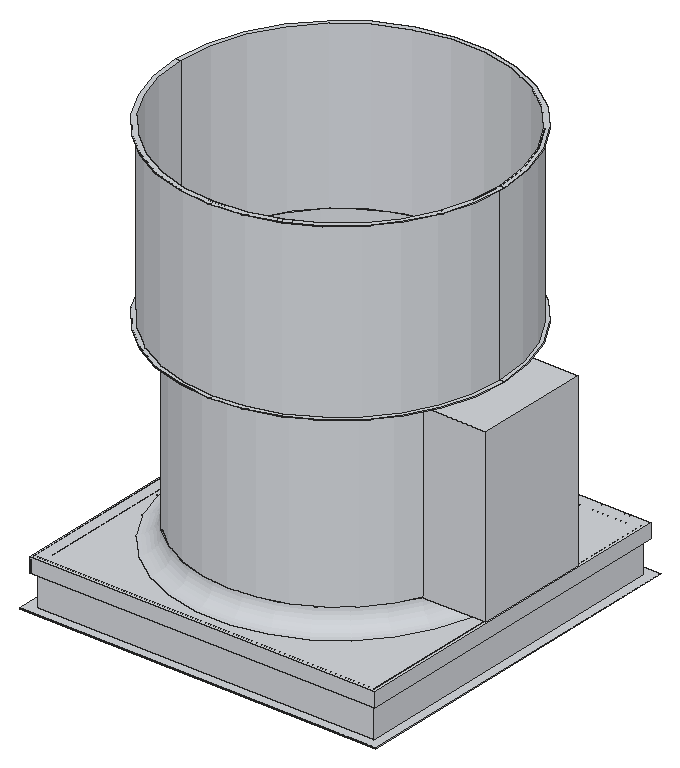
Revit family "EUB", category Mechanical Equipment, Revit 2019
Family settings
  Round Connector Dimension = Use Diameter
  Part Type = Normal
  Work Plane-Based = No
  Always vertical = Yes
  Cut with Voids When Loaded = No
  Shared = No
  Room Calculation Point = No
Parameters (values of type "60_EUB")
  Unit Weight [instance] = ""
  T_SQ/6 = T_SQ / 6  # 12"
  Sones [instance] = ""
  RO/2 = RO / 2  # 33 3/4"
  Motor RPM [instance] = ""
  Motor Enclosure [instance] = ""
  ModelID [instance] = ""
  LwA [instance] = ""
  RO = T_SQ - 4 1/2"  # 67 1/2"
  Fan RPM [instance] = ""
  T_SQ/2 = T_SQ / 2  # 36"
  T_SQ = 72"
  E-.125" = E - 1/8"  # 2 7/8"
  E+C-B-2" = E + C - B - 2"  # 42 3/4"
  E = 3"
  D = 4"
  CURB_HEIGHT [instance] = 9 1/2"
  CURB [instance] = yes
  C-B-3" = C - B - 3"  # 38 3/4"
  B/2 = B / 2  # 18 1/4"
  C-B = C - B  # 41 3/4"
  B = 36 1/2"
  Brake Hp [instance] = ""
  C_/2 = C / 2  # 39 1/8"
  C = 78 1/4"
  Accessories [instance] = ""
  A/2 = A / 2  # 33 1/2"
  A = 67"
  4" = 4"  # constant formula
  2' = 24"
  2" = 2"  # constant formula
  1' = 12"  # constant formula
  1" = 1"  # constant formula
  0 = 0"  # constant formula
  Voltage [instance] = 0 V
  URL = "www.lorencook.com"
  Type Comments = "Upblast Exhaust Ventilator Extruded Aluminum Propeller Roof Mounted/Belt Drive"  # constant formula
  Static Pressure [instance] = 0.00 in-wg
  Power [instance] = Voltage * Motor FLA * sqrt(if(Phase = 3, 3, 1))  # 0 VA
  Phase [instance] = 0
  Number of Poles [instance] = 1
  Motor Hp [instance] = "0"
  Motor FLA [instance] = 0 A
  Model = "EUB"  # constant formula
  Manufacturer = "Loren Cook Company"
  CFM [instance] = 0 CFM
  1.5 = 1 1/2"  # constant formula
  ONE EIGTH = 1/8"  # constant formula
  -(C/2) = -(B / 2)  # -18 1/4"
  -(A/2) = -(A / 2)  # -33 1/2"
  (T_SQ/2)+.125" = (T_SQ / 2) + 1/8"  # 36 1/8"
  (A/2)-4.125" = (A / 2) - 4 1/8"  # 29 3/8"
  (A/2)-4" = (A / 2) - 4"  # 29 1/2"
Types (9): name | T_SQ/6 | RO/2 | RO | T_SQ/2 | T_SQ | E+C-B-2" | D | C-B-3" | B/2 | C-B | B | C_/2 | C | A/2 | A | -(C/2) | -(A/2) | (T_SQ/2)+.125" | (A/2)-4.125" | (A/2)-4"
  (no name) | 12" | 33 3/4" | 67 1/2" | 36" | 72" | 42 3/4" | 4" | 38 3/4" | 18 1/4" | 41 3/4" | 36 1/2" | 39 1/8" | 78 1/4" | 33 1/2" | 67" | -18 1/4" | -33 1/2" | 36 1/8" | 29 3/8" | 29 1/2"
  24_EUB | 6" | 15 3/4" | 31 1/2" | 18" | 36" | 29 5/8" | 4" | 25 5/8" | 9 9/16" | 28 5/8" | 19 1/8" | 23 7/8" | 47 3/4" | 15 1/2" | 31" | -9 9/16" | -15 1/2" | 18 1/8" | 11 3/8" | 11 1/2"
  30_EUB | 7" | 18 3/4" | 37 1/2" | 21" | 42" | 29 3/4" | 3 7/8" | 25 3/4" | 11 13/16" | 28 3/4" | 23 5/8" | 26 3/16" | 52 3/8" | 18 1/2" | 37" | -11 13/16" | -18 1/2" | 21 1/8" | 14 3/8" | 14 1/2"
  36_EUB | 8" | 21 3/4" | 43 1/2" | 24" | 48" | 36 1/4" | 4" | 32 1/4" | 12 13/16" | 35 1/4" | 25 5/8" | 30 7/16" | 60 7/8" | 21 1/2" | 43" | -12 13/16" | -21 1/2" | 24 1/8" | 17 3/8" | 17 1/2"
  42_EUB | 9" | 24 3/4" | 49 1/2" | 27" | 54" | 36 3/4" | 4" | 32 3/4" | 13 15/16" | 35 3/4" | 27 7/8" | 31 13/16" | 63 5/8" | 24 1/2" | 49" | -13 15/16" | -24 1/2" | 27 1/8" | 20 3/8" | 20 1/2"
  48_EUB | 10" | 27 3/4" | 55 1/2" | 30" | 60" | 36 3/4" | 4" | 32 3/4" | 15 5/8" | 35 3/4" | 31 1/4" | 33 1/2" | 67" | 27 1/2" | 55" | -15 5/8" | -27 1/2" | 30 1/8" | 23 3/8" | 23 1/2"
  54_EUB | 11" | 30 3/4" | 61 1/2" | 33" | 66" | 42 3/4" | 4" | 38 3/4" | 17 5/8" | 41 3/4" | 35 1/4" | 38 1/2" | 77" | 30 1/2" | 61" | -17 5/8" | -30 1/2" | 33 1/8" | 26 3/8" | 26 1/2"
  60_EUB | 12" | 33 3/4" | 67 1/2" | 36" | 72" | 42 3/4" | 4" | 38 3/4" | 18 1/4" | 41 3/4" | 36 1/2" | 39 1/8" | 78 1/4" | 33 1/2" | 67" | -18 1/4" | -33 1/2" | 36 1/8" | 29 3/8" | 29 1/2"
  72_EUB | 14" | 39 3/4" | 79 1/2" | 42" | 84" | 49 3/4" | 3 1/2" | 45 3/4" | 22" | 48 3/4" | 44" | 46 3/8" | 92 3/4" | 39 1/2" | 79" | -22" | -39 1/2" | 42 1/8" | 35 3/8" | 35 1/2"
Reference planes (in)
  plane 1 "Center (Front/Back)": y = 0
  plane 2: z = 0
  plane 3 "Center (Left/Right)": x = 0.40541
Forms (in)
  Extrusion 1, solid
    sketch origin (0, 0, 0) x (1, 0, 0) y (0, 1, 0)
      loop
        line (-35.71959, 36.125) -> (-35.71959, -36.125) -> (36.53041, -36.125) -> (36.53041, 36.125) -> (-35.71959, 36.125)
    from 0 to 3 <- "E"
  Extrusion 2, void
    sketch origin (0, 0, 0) x (1, 0, 0) y (0, 1, 0)
      loop
        line (-35.59459, 36) -> (-35.59459, -36) -> (36.40541, -36) -> (36.40541, 36) -> (-35.59459, 36)
    from 0 to 2.875 <- "E-.125""
  Revolve 3, solid
    sketch origin (0, 0, 0) x (1, 0, 0) y (0, 0, 1)
      loop
        line (0.40541, 3) -> (33.90541, 3)
        arc (33.90541, 3) -> (31.07699, 4.17157) -> (29.90541, 7) r 4
        line (29.90541, 7) -> (0.40541, 7) -> (0.40541, 3)
      axis (0.40541, 7) -> (0.40541, 3)
    angle from 0 to 360
  Revolve 4, solid
    sketch origin (0, 0, 0) x (1, 0, 0) y (0, 0, 1)
      loop
        line (0.40541, 7) -> (29.90541, 7) -> (29.90541, 48.75) -> (0.40541, 48.75) -> (0.40541, 7)
      axis (0.40541, 7) -> (0.40541, 48.75)
    angle from 0 to 360
  Revolve 5, solid
    sketch origin (0, 0, 0) x (1, 0, 0) y (0, 0, 1)
      loop
        line (34.78041, 44.75) -> (34.78041, 44.875) -> (33.90541, 44.875) -> (33.90541, 81.125) -> (34.78041, 81.125) -> (34.78041, 81.25) -> (33.78041, 81.25) -> (33.78041, 44.75) -> (34.78041, 44.75)
      axis (0.40541, 44.75) -> (0.40541, 81.25)
    angle from 0 to 360
  Extrusion 6, void
    sketch origin (0, 0, 0) x (1, 0, 0) y (0, 1, 0)
      loop
        circle (0.40541, 0) r 29.375
    from 0 to 78.25 <- "C"
  Extrusion 7, solid
    sketch origin (0, 0, 0) x (1, 0, 0) y (0, 1, 0)
      loop
        line (27.35444, -12) -> (40.53041, -12) -> (40.53041, 12) -> (27.35444, 12)
        arc (27.35444, 12) -> (29.90541, 0) -> (27.35444, -12) r 29.5
    from 7 to 42.75 <- "E+C-B-2""
  Extrusion 8, solid, visible <- "CURB"
    sketch origin (0, 0, 2.875) x (0, 1, 0) y (1, 0, 0)
      loop
        line (33.75, -33.34459) -> (33.75, 34.15541) -> (-33.75, 34.15541) -> (-33.75, -33.34459) -> (33.75, -33.34459)
      loop
        line (-35.25, 35.65541) -> (-35.25, -34.84459) -> (35.25, -34.84459) -> (35.25, 35.65541) -> (-35.25, 35.65541)
    from 0 to 9.5 <- "CURB_HEIGHT"
  Extrusion 9, solid, visible <- "CURB"
    sketch origin (0, 0, -6.625) x (-1, 0, 0) y (0, 1, 0)
      loop
        line (34.84459, -35.25) -> (34.84459, 35.25) -> (-35.65541, 35.25) -> (-35.65541, -35.25) -> (34.84459, -35.25)
      loop
        line (-37.65541, 37.25) -> (-37.65541, -37.25) -> (36.84459, -37.25) -> (36.84459, 37.25) -> (-37.65541, 37.25)
    from 0 to -0.125
Cuts and joins
  Extrusion 2, Extrusion 6 cuts Extrusion 1
  Extrusion 6 cuts Revolve 3
  Extrusion 6 cuts Revolve 4
  Extrusion 6 cuts Revolve 5
Dimensions and locks (in)
  "(T_SQ/2)+.125"": plane 1 "Center (Front/Back)" to Extrusion 1 sketch curve
  "(T_SQ/2)+.125"": Extrusion 1 sketch curve to plane 1 "Center (Front/Back)"
  "(T_SQ/2)+.125"": Extrusion 1 sketch curve to plane 3 "Center (Left/Right)"
  "(T_SQ/2)+.125"": plane 3 "Center (Left/Right)" to Extrusion 1 sketch curve
  "T_SQ/2": Extrusion 2 sketch curve to plane 3 "Center (Left/Right)"
  "T_SQ/2": plane 3 "Center (Left/Right)" to Extrusion 2 sketch curve
  "T_SQ/2": plane 1 "Center (Front/Back)" to Extrusion 2 sketch curve
  "T_SQ/2": Extrusion 2 sketch curve to plane 1 "Center (Front/Back)"
  "0": Revolve 3 sketch curve to plane 3 "Center (Left/Right)"  (x2)
  "0": Revolve 3 sketch curve to cut or joined group of Extrusion 1, Extrusion 2, Extrusion 6
  "4"": Revolve 3 sketch curve to cut or joined group of Extrusion 1, Extrusion 2, Extrusion 6
  "(A/2)-4"": Revolve 3 sketch curve to plane 3 "Center (Left/Right)"
  "0": Revolve 3 sketch curve to Revolve 3 sketch curve
  "0": Revolve 4 sketch curve to plane 3 "Center (Left/Right)"  (x2)
  "(A/2)-4"": Revolve 4 sketch curve to plane 3 "Center (Left/Right)"
  "0": Revolve 4 sketch curve to Revolve 3
  "A/2": plane 3 "Center (Left/Right)" to Revolve 5 sketch curve
  "0": Revolve 5 sketch curve to plane 3 "Center (Left/Right)"
  "C-B": Revolve 5 sketch curve to cut or joined group of Extrusion 1, Extrusion 2, Extrusion 6
  "B": Revolve 5 sketch curve to Revolve 5 sketch curve
  "ONE EIGTH": Revolve 5 sketch curve to Revolve 5 sketch curve  (x3)
  "1"": Revolve 5 sketch curve to Revolve 5 sketch curve  (x2)
  "0": Extrusion 6 sketch curve to plane 3 "Center (Left/Right)"
  "0": Extrusion 6 sketch curve to plane 1 "Center (Front/Back)"
  "D": Revolve 4 sketch curve to cut or joined group of Revolve 5, Extrusion 6
  "T_SQ/6": plane 1 "Center (Front/Back)" to Extrusion 7 sketch curve
  "T_SQ/6": Extrusion 7 sketch curve to plane 1 "Center (Front/Back)"
  "4"": cut or joined group of Extrusion 1, Extrusion 2, Extrusion 6 to Extrusion 7 sketch curve
  "0": Extrusion 7 sketch curve to plane 3 "Center (Left/Right)"
  "0": Extrusion 7 sketch curve to plane 1 "Center (Front/Back)"
  "1.5": Extrusion 8 sketch curve to Extrusion 8 sketch curve  (x4)
  "RO/2": Extrusion 8 sketch curve to plane 3 "Center (Left/Right)"
  "RO/2": plane 3 "Center (Left/Right)" to Extrusion 8 sketch curve
  "RO/2": plane 1 "Center (Front/Back)" to Extrusion 8 sketch curve
  "RO/2": Extrusion 8 sketch curve to plane 1 "Center (Front/Back)"
  "2"": Extrusion 9 sketch curve to Extrusion 9 sketch curve  (x4)
  "0": Extrusion 9 sketch curve to Extrusion 8  (x3)
  "0": Extrusion 8 to Extrusion 9 sketch curve
  "(A/2)-4.125"": radius of Extrusion 6 sketch curve
  "(A/2)-4"": radius of Extrusion 7 sketch curve
Automatic sketch dimensions
  Revolve 3 sketch curve to level = 10"
  Revolve 3 sketch curve to Revolve 3 sketch curve = 1"
  level to Revolve 5 sketch curve = 36.63042"
  Revolve 5 sketch curve to Revolve 5 sketch curve = 17"
  Revolve 4 sketch curve to Revolve 4 sketch curve = 12"
  Revolve 4 sketch curve to Revolve 4 sketch curve = 3 3/4"
  Extrusion 7 sketch curve to Extrusion 7 sketch curve = 0"
Connectors (in)
  electrical at (33.94243, 0, 7)
    settings: on Extrusion 7, index 2, voltage 0 V, apparent load 0 VA, apparent load phase1 0 VA, apparent load phase2 0 VA, apparent load phase3 0 VA, power factor 1, load classification "Other", number of poles 1, system type 30, power factor state 1, is connector primary yes, connector utility no, sub classification motor no, connector description ""
  hvac at (0.40541, 0, 2.875), driven by "CFM", driven by "RO", driven by "RO"
    settings: on cut or joined group of Extrusion 1, Extrusion 2, Extrusion 6, index 3, duct flow 0 CFM, flow factor 0, pres drop 0.00 in-wg, loss coef 0, conn angle 0.00°, conn width 67 1/2", conn height 67 1/2", conn diameter 24", duct sys type 3, conn prof type 1, flow config 0, flow direction 2, loss method 0, conn ref index -1, conn util no, is conn primary yes, conn desc ""
